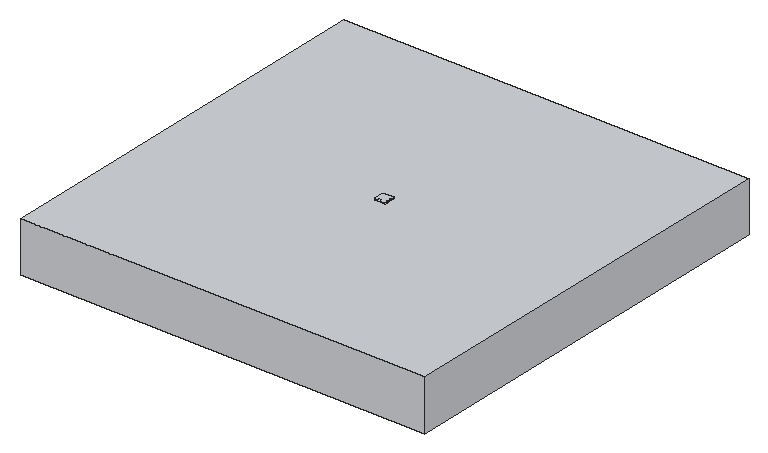
Revit family "Gira_093700", category Allgemeines Modell, Revit 2017
Family settings
  Basisbauteil = Fläche
  Kann Basisbauteil für Bewehrung sein = Nein
  Bemaßung runder Anschluss = Durchmesser verwenden
  Teiletyp = Normal
  Beim Laden mit Abzugskörper schneiden = Nein
  Gemeinsam genutzt = Nein
  Raumberechnungspunkt = Nein
Parameters
  With mounting plate = no
  With memory function = no
  With lighting = no
  With label area = no
  With glass breaking detector connection = no
  With dust cover = no
  With brightness sensor connection = no
  With N-busbar = no
  With LED indication = no
  With Astro program = no
  Wiring system = "Intermediate switch"
  Washing machine switch = no
  Default Elevation = 1219.2 mm
  URL = "https://www.gira.de/"
  Typname = "Antenna sock. FS 302 F Insert"
  Type of load = "Universal"
  Type of lighting = "Not included"
  Type of fastening = "Screwing"
  Transparent = no
  Through loss at 860 MHz [B] = 0.1
  Through loss at 2150 MHz [B] = 0.1
  Temperature [Kelvin] = "[5:45]"
  Switch-off protection = no
  Surface protection = "Other"
  Surface finishing = "Not applicable"
  Suitable for wire wound low voltage transformer = yes
  Suitable for wind sensor = no
  Suitable for staircase time switch = no
  Suitable for rain sensor = no
  Suitable for fluorescent tube/energy-saving lamp = yes
  Suitable for electronic low voltage transformer = yes
  Suitable for degree of protection (IP) = "IP20"
  Suitable for 230 V incandescent lamp/halogen lamp = yes
  Suitable for = "Outdoor station"
  Substation input = yes
  Shielded housing = no
  Shielded buses = yes
  Serial dimmer = no
  Separate strain relief = no
  Rated current = 10 A
  Random generator = no
  Push button switch = no
  Productwebsite = "http://katalog.gira.de/en/datenblatt.html?artikelnr=093700"
  Output voltage [Volt] = 5
  Other bus systems = "None"
  Operating voltage [Volt] = "[110:240]"
  Only suitable as substation = no
  Number of rockers = 1
  Number of outputs = 2
  Number of modules (module system) = 1
  Number of buttons = 2
  Nominal voltage [Volt] 3 = "[230:230]"
  Nominal voltage [Volt] 2 = "[230:230]"
  Nominal voltage [Volt] = 250
  Mounting method shielding connection = "None"
  Mounting method = "Flush mounted (plaster)"
  Model = "Loop-through socket"
  Min. depth of built-in installation box [m] = 0.024
  Method of operation = "Rocker"
  Mechanical controllable = yes
  Mechanical coding = no
  Max. switching power [Voltampere] = 1000
  Max. output current = 1.4 A
  Material quality = "Other"
  Material = "Other"
  Light value memory = no
  Label space/information surface 7 = "No"
  Label space/information surface 6 = "No"
  Label space/information surface 5 = "No"
  Label space/information surface 4 = "No"
  Label space/information surface = no
  Integrated timer = no
  Input for substation = no
  Imprint = "None"
  Illumination = "Yes"
  Hersteller = "Gira"
  Halogen free = no
  HAN = "093700"
  GTIN = "4010337937005"
  Function lighting = "Illuminated (on)"
  Frequency [Hz] = "[50:60]"
  Forced switch off = no
  Feedback-signal contact = no
  Electronic controllable = no
  Electrical and mechanical locking = yes
  Dimming phase cut-on = yes
  Dimming phase cut-off = yes
  Degree of protection (IP) = "IP20"
  Data sheet = "https://katalog.gira.de/en/download.html?artikelnr=093700"
  Contacts = "1 change-over contact"
  Connection type = "Screw"
  Colour coding = no
  Colour = "Other"
  Category = "3"
  Bus system radio frequent = no
  Bus system Powernet = no
  Bus system LON = no
  Bus system KNX radio = no
  Bus system KNX = yes
  Bus connection included = yes
  Beschreibung = "Aerial sock.FS 302 F Ins.,Antenna socket insert (FS 302 F),,,Features:,- With three connections, it can be used as an end box.,- Use in individual antenna systems, behind a multi-switch, or on a decoupled branch line.,- The connection for the satellite receive is designed as an F pin jack. With it, transferring direct current (max. DC 24 V   500 mA) to a satellite antenna is possible.,,Notes :,- For screw mounting only.,- Important! Observe construction space for plug and bending radii.,- If using with gender changers:,  Not suitable for duct installation or a standard device box.,  Connection with angled plug recommended.,- Installation recommendation:,  Kaiser electronic outlets,  flush-mounted installation: Kaiser Order No.: 1068-02,  hollow-wall installation: Kaiser Order No.: 9062-94,  concrete installation: Kaiser Order No.: 1268-40"
  BIM = "https://media.stage.bim.site/public/gira/290f3eb/Einsatz_1fach.rfa"
  Assembly arrangement = "Basic element"
  Applicable with transmission button = no
  Applicable with time switch/timer = no
  Applicable with presence indicator = yes
  Applicable with movement sensor = yes
  Applicable with infrared button = no
  Applicable with button = yes
  App control via Bluetooth = no
Reference planes
  plane 1 "Center (Front/Back)": y = 0
  plane 2: z = 0
  plane 3 "Center (Left/Right)": x = 0
Forms (mm)
  Extrusion 1, solid
    sketch origin (0, 0, 0) x (1, 0, 0) y (0, 1, 0)
      loop
        line (-1219.2, 1219.2) -> (-1219.2, -1219.2) -> (1219.2, -1219.2) -> (1219.2, 1219.2) -> (-1219.2, 1219.2)
    from 0 to -304.8
  Extrusion 2, solid, detail levels fine
    sketch origin (0, 0, 0) x (1, 0, 0) y (0, 1, 0)
      loop
        line (27.475, 35.475) -> (-27.475, 35.475)
        arc (-27.475, 35.475) -> (-33.132, 33.132) -> (-35.475, 27.475) r 8
        line (-35.475, 27.475) -> (-35.475, -27.475)
        arc (-35.475, -27.475) -> (-33.132, -33.132) -> (-27.475, -35.475) r 8
        line (-27.475, -35.475) -> (27.475, -35.475)
        arc (27.475, -35.475) -> (33.132, -33.132) -> (35.475, -27.475) r 8
        line (35.475, -27.475) -> (35.475, 27.475)
        arc (35.475, 27.475) -> (33.132, 33.132) -> (27.475, 35.475) r 8
    from 0 to 1.8
  Extrusion 3, solid, detail levels fine
    sketch origin (0, 0, 0) x (1, 0, 0) y (0, 1, 0)
      loop
        line (9.678, 25.4) -> (-9.678, 25.4)
        arc (-9.678, 25.4) -> (-12.885, 24.922) -> (-15.814, 23.53) r 11
        arc (-15.814, 23.53) -> (-17.795, 22.07) -> (-19.641, 20.444) r 28.35
        arc (-19.641, 20.444) -> (-21.339, 18.665) -> (-22.876, 16.745) r 28.35
        arc (-22.876, 16.745) -> (-24.456, 13.666) -> (-25, 10.248) r 11
        line (-25, 10.248) -> (-25, -10.248)
        arc (-25, -10.248) -> (-24.456, -13.666) -> (-22.876, -16.745) r 11
        arc (-22.876, -16.745) -> (-20.409, -19.677) -> (-17.569, -22.25) r 28.35
        line (-17.569, -22.25) -> (17.569, -22.25)
        arc (17.569, -22.25) -> (20.409, -19.677) -> (22.876, -16.745) r 28.35
        arc (22.876, -16.745) -> (24.456, -13.666) -> (25, -10.248) r 11
        line (25, -10.248) -> (25, 10.248)
        arc (25, 10.248) -> (24.456, 13.666) -> (22.876, 16.745) r 11
        arc (22.876, 16.745) -> (21.593, 18.37) -> (20.195, 19.897) r 28.35
        arc (20.195, 19.897) -> (18.096, 21.823) -> (15.814, 23.53) r 28.35
        arc (15.814, 23.53) -> (12.885, 24.922) -> (9.678, 25.4) r 11
    from 0 to -22
  Extrusion 4, solid, detail levels medium
    sketch origin (0, 0, 0) x (1, 0, 0) y (0, 1, 0)
      loop
        line (-25, 25.4) -> (-25, -22.25) -> (25, -22.25) -> (25, 25.4) -> (-25, 25.4)
    from 0 to -22
  Extrusion 5, solid, detail levels coarse
    sketch origin (0, 0, 0) x (1, 0, 0) y (0, 1, 0)
      loop
        line (35.475, 35.475) -> (-35.475, 35.475) -> (-35.475, -35.475) -> (35.475, -35.475) -> (35.475, 35.475)
    from -22 to 1.8
  Extrusion 6, solid, detail levels medium
    sketch origin (0, 0, 0) x (1, 0, 0) y (0, 1, 0)
      loop
        line (35.475, 35.475) -> (-35.475, 35.475) -> (-35.475, -35.475) -> (35.475, -35.475) -> (35.475, 35.475)
    from 0 to 1.8
Dimensions and locks
  aligned and locked: plane 2 to Extrusion 1
  aligned and locked: level to Extrusion 1
Connectors
  electrical at (0, 0, -22)
    settings: on Extrusion 5, index 1, voltage 220 V, apparent load 0 VA, apparent load phase1 0 VA, apparent load phase2 0 VA, apparent load phase3 0 VA, power factor 1, load classification "Other", number of poles 1, system type 30, power factor state 1, is connector primary yes, connector utility no, sub classification motor no, connector description ""
